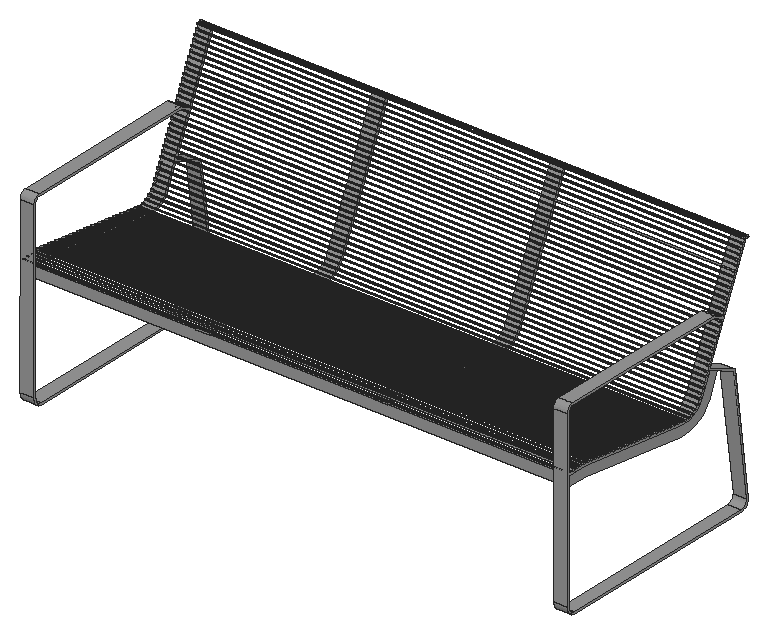
Revit family "Скамейка стальная «Глория» Арт 16675", category Антураж, Revit 2018
Family settings
  На основе рабочей плоскости = Нет
  Всегда вертикально = Да
  При загрузке вырезать с полостями = Нет
  Источник визуального образа = Геометрия семейства
  Общий = Нет
  Точка расчета площади = Нет
Parameters (values of type "Скамейка стальная «Глория»")
  Ширина = 744 mm  # constant formula
  Цвет опор = Сталь
  Цвет лавки = Сталь
  Описание = "Скамейка стальная «Глория»"  # constant formula
  Материал изделия = "Сталь"  # constant formula
  Изображение типоразмера = Скамейка стальная «Глория» Арт 16675.jpg
  Изготовитель = "ООО «Хоббика»"  # constant formula
  Длина = 1800 mm  # constant formula
  Группа модели = "Скамейки"  # constant formula
  Высота = 831 mm  # constant formula
  Артикул товара = "Арт. 16675"  # constant formula
  URL = "https://hobbyka.ru/product/divan_stalnoy_gloriya/"
Reference planes
  plane 1 "По центру (Вперед/Назад)": y = 0
  plane 2: z = 0
  plane 3 "По центру (Влево/Вправо)": x = 0
  plane 4: x = 1800
  plane 5: y = 744
  plane 6: z = 831
Forms (mm)
  Extrusion 1, solid, material "Сталь" <- "Цвет опор"
    sketch origin (0, 0, 0) x (0, 1, 0) y (0, 0, 1)
      loop
        line (639.85, 623.361) -> (607.767, 641.885) -> (22.767, 641.885)
        arc (22.767, 641.885) -> (6.668, 635.216) -> (0, 619.117) r 22.767
        line (0, 619.117) -> (0, 49.117)
        arc (0, 49.117) -> (9.32, 26.617) -> (31.82, 17.298) r 31.82
        line (31.82, 17.298) -> (716.82, 17.298)
        arc (716.82, 17.298) -> (736.039, 25.259) -> (744, 44.478) r 27.18
        line (744, 44.478) -> (686.939, 450.488) -> (586.578, 497.287) -> (734.943, 815.456) -> (741.5, 811.67) -> (744, 816) -> (732.717, 822.514) -> (639.85, 623.361)
      loop
        line (547.612, 425.555) -> (637.729, 618.812) -> (606.427, 636.885) -> (22.767, 636.885)
        arc (22.767, 636.885) -> (10.204, 631.681) -> (5, 619.117) r 17.767
        line (5, 619.117) -> (5, 441.037) -> (78.953, 441.037) -> (470.109, 386.063)
        arc (470.109, 386.063) -> (515.659, 392.467) -> (547.612, 425.555) r 70.646
      loop
        arc (5, 49.117) -> (12.855, 30.153) -> (31.82, 22.298) r 26.82
        line (31.82, 22.298) -> (716.82, 22.298)
        arc (716.82, 22.298) -> (732.386, 28.677) -> (738.998, 44.146) r 22.18
        line (738.998, 44.146) -> (682.366, 447.104) -> (584.465, 492.755) -> (552.144, 423.442)
        arc (552.144, 423.442) -> (517.989, 388.042) -> (469.286, 381.13) r 75.646
        line (469.286, 381.13) -> (78.603, 436.037) -> (5, 436.037) -> (5, 49.117)
    from 0 to 45
  Extrusion 2, solid, material "Сталь" <- "Цвет опор"
    sketch origin (0, 0, 0) x (0, 1, 0) y (0, 0, 1)
      loop
        line (469.286, 381.13) -> (78.603, 436.037) -> (5, 436.037) -> (5, 401.037) -> (76.156, 401.037) -> (463.621, 346.582)
        arc (463.621, 346.582) -> (534.337, 357.092) -> (583.864, 408.651) r 110.646
        line (583.864, 408.651) -> (616.186, 477.964) -> (584.465, 492.755) -> (552.144, 423.442)
        arc (552.144, 423.442) -> (517.989, 388.042) -> (469.286, 381.13) r 75.646
    from 0 to 5
  Extrusion 3, solid, material "Сталь" <- "Цвет опор"
    sketch origin (1800, 0, 0) x (0, 1, 0) y (0, 0, -1)
      loop
        line (639.85, -623.361) -> (732.717, -822.514) -> (744, -816) -> (741.5, -811.67) -> (734.943, -815.456) -> (586.578, -497.287) -> (686.939, -450.488) -> (744, -44.478)
        arc (744, -44.478) -> (736.039, -25.259) -> (716.82, -17.298) r 27.18
        line (716.82, -17.298) -> (31.82, -17.298)
        arc (31.82, -17.298) -> (9.32, -26.617) -> (0, -49.117) r 31.82
        line (0, -49.117) -> (0, -619.117)
        arc (0, -619.117) -> (6.668, -635.216) -> (22.767, -641.885) r 22.767
        line (22.767, -641.885) -> (607.767, -641.885) -> (639.85, -623.361)
      loop
        arc (547.612, -425.555) -> (515.659, -392.467) -> (470.109, -386.063) r 70.646
        line (470.109, -386.063) -> (78.953, -441.037) -> (5, -441.037) -> (5, -619.117)
        arc (5, -619.117) -> (10.204, -631.681) -> (22.767, -636.885) r 17.767
        line (22.767, -636.885) -> (606.427, -636.885) -> (637.729, -618.812) -> (547.612, -425.555)
      loop
        line (5, -49.117) -> (5, -436.037) -> (78.603, -436.037) -> (469.286, -381.13)
        arc (469.286, -381.13) -> (517.989, -388.042) -> (552.144, -423.442) r 75.646
        line (552.144, -423.442) -> (584.465, -492.755) -> (682.366, -447.104) -> (738.998, -44.146)
        arc (738.998, -44.146) -> (732.386, -28.677) -> (716.82, -22.298) r 22.18
        line (716.82, -22.298) -> (31.82, -22.298)
        arc (31.82, -22.298) -> (12.855, -30.153) -> (5, -49.117) r 26.82
    from 0 to 45
  Extrusion 4, solid, material "Сталь" <- "Цвет опор"
    sketch origin (1800, 0, 0) x (0, 1, 0) y (0, 0, -1)
      loop
        arc (469.286, -381.13) -> (517.989, -388.042) -> (552.144, -423.442) r 75.646
        line (552.144, -423.442) -> (584.465, -492.755) -> (616.186, -477.964) -> (583.864, -408.651)
        arc (583.864, -408.651) -> (534.337, -357.092) -> (463.621, -346.582) r 110.646
        line (463.621, -346.582) -> (76.156, -401.037) -> (5, -401.037) -> (5, -436.037) -> (78.603, -436.037) -> (469.286, -381.13)
    from 0 to 5
  Extrusion 5, solid, material "Сталь" <- "Цвет опор"
    sketch origin (0, 0, 0) x (0, 1, 0) y (0, 0, 1)
      loop
        line (744, 816) -> (732.717, 822.514) -> (640.29, 624.303) -> (547.612, 425.555)
        arc (547.612, 425.555) -> (515.659, 392.467) -> (470.109, 386.063) r 70.646
        line (470.109, 386.063) -> (78.953, 441.037) -> (5, 441.037) -> (5, 436.037) -> (78.603, 436.037) -> (469.286, 381.13)
        arc (469.286, 381.13) -> (517.989, 388.042) -> (552.144, 423.442) r 75.646
        line (552.144, 423.442) -> (580.331, 483.89) -> (734.943, 815.456) -> (741.5, 811.67) -> (744, 816)
    from 575 to 620
  Extrusion 6, solid, material "Сталь" <- "Цвет опор"
    sketch origin (0, 0, 0) x (0, 1, 0) y (0, 0, 1)
      loop
        line (640.29, 624.303) -> (547.612, 425.555)
        arc (547.612, 425.555) -> (515.659, 392.467) -> (470.109, 386.063) r 70.646
        line (470.109, 386.063) -> (78.953, 441.037) -> (5, 441.037) -> (5, 436.037) -> (78.603, 436.037) -> (469.286, 381.13)
        arc (469.286, 381.13) -> (517.989, 388.042) -> (552.144, 423.442) r 75.646
        line (552.144, 423.442) -> (580.331, 483.89) -> (734.943, 815.456) -> (741.5, 811.67) -> (744, 816) -> (732.717, 822.514) -> (640.29, 624.303)
    from 1160 to 1205
  Extrusion 7, solid, material "Сталь" <- "Цвет опор"
    sketch origin (0, 0, 0) x (0, 1, 0) y (0, 0, 1)
      loop
        line (5, 436.037) -> (5, 401.037) -> (10, 401.037) -> (10, 436.037) -> (5, 436.037)
    from 0 to 1795
  Extrusion 8, solid, material "Сталь" <- "Цвет лавки"
    sketch origin (0, 0, 0) x (0, 1, 0) y (0, 0, 1)
      loop
        circle (728.791, 818.828) r 2
      loop
        circle (722.452, 805.233) r 2
      loop
        circle (716.113, 791.639) r 2
      loop
        circle (709.773, 778.044) r 2
      loop
        circle (703.434, 764.449) r 2
      loop
        circle (697.095, 750.855) r 2
      loop
        circle (690.756, 737.26) r 2
      loop
        circle (684.416, 723.666) r 2
      loop
        circle (678.077, 710.071) r 2
      loop
        circle (671.738, 696.476) r 2
      loop
        circle (665.399, 682.882) r 2
      loop
        circle (659.059, 669.287) r 2
      loop
        circle (652.72, 655.693) r 2
      loop
        circle (646.381, 642.098) r 2
      loop
        circle (640.041, 628.503) r 2
      loop
        circle (633.702, 614.909) r 2
      loop
        circle (627.363, 601.314) r 2
      loop
        circle (621.024, 587.719) r 2
      loop
        circle (614.684, 574.125) r 2
      loop
        circle (608.345, 560.53) r 2
      loop
        circle (602.006, 546.936) r 2
      loop
        circle (595.667, 533.341) r 2
      loop
        circle (589.327, 519.746) r 2
      loop
        circle (582.988, 506.152) r 2
      loop
        circle (576.649, 492.557) r 2
      loop
        circle (570.309, 478.963) r 2
      loop
        circle (563.97, 465.368) r 2
      loop
        circle (557.631, 451.773) r 2
      loop
        circle (551.292, 438.179) r 2
      loop
        circle (544.952, 424.584) r 2
      loop
        circle (537.233, 412.585) r 2.012
      loop
        circle (526.673, 401.973) r 2
      loop
        circle (514.064, 393.903) r 2
      loop
        circle (500.006, 388.759) r 2
      loop
        circle (485.167, 386.784) r 2.001
      loop
        circle (470.249, 388.063) r 2
      loop
        circle (455.395, 390.151) r 2
      loop
        circle (440.541, 392.238) r 2
      loop
        circle (425.687, 394.326) r 2
      loop
        circle (410.833, 396.414) r 2
      loop
        circle (395.979, 398.501) r 2
      loop
        circle (381.124, 400.589) r 2
      loop
        circle (366.27, 402.676) r 2
      loop
        circle (351.416, 404.764) r 2
      loop
        circle (336.562, 406.852) r 2
      loop
        circle (321.708, 408.939) r 2
      loop
        circle (306.854, 411.027) r 2
      loop
        circle (292, 413.114) r 2
      loop
        circle (277.146, 415.202) r 2
      loop
        circle (262.292, 417.29) r 2
      loop
        circle (247.438, 419.377) r 2
      loop
        circle (232.584, 421.465) r 2
      loop
        circle (217.73, 423.552) r 2
      loop
        circle (202.876, 425.64) r 2
      loop
        circle (188.022, 427.728) r 2
      loop
        circle (173.168, 429.815) r 2
      loop
        circle (158.314, 431.903) r 2
      loop
        circle (143.46, 433.99) r 2
      loop
        circle (128.606, 436.078) r 2
      loop
        circle (113.752, 438.166) r 2
      loop
        circle (98.898, 440.253) r 2
      loop
        circle (84.044, 442.341) r 2
      loop
        circle (70, 443.037) r 2
      loop
        circle (55, 443.037) r 2
      loop
        circle (40, 443.037) r 2
      loop
        circle (25, 443.037) r 2
      loop
        circle (10, 443.037) r 2
      loop
        circle (739.359, 820.989) r 2
    from 0 to 1800
Dimensions and locks
  "Ширина": plane 5 to plane 1 "По центру (Вперед/Назад)"
  "Длина": plane 3 "По центру (Влево/Вправо)" to plane 4
  "Высота": plane 6 to plane 2
  aligned and locked: level to plane 2
Automatic sketch dimensions
  Extrusion 1 sketch curve to Extrusion 1 sketch curve = 0 mm  (x8)
  Extrusion 1 sketch curve to plane 1 "По центру (Вперед/Назад)" = 0 mm
  Extrusion 1 sketch curve to plane 5 = 0 mm  (x2)
  Extrusion 1 sketch curve to Extrusion 1 sketch curve = 5 mm  (x2)
  Extrusion 1 sketch curve to plane 1 "По центру (Вперед/Назад)" = 5 mm
  Extrusion 1 sketch curve to plane 1 "По центру (Вперед/Назад)" = 22.767 mm
  Extrusion 1 sketch curve to Extrusion 1 sketch curve = 26.82 mm
  Extrusion 1 sketch curve to Extrusion 1 sketch curve = 73.603 mm
  Extrusion 1 sketch curve to Extrusion 1 sketch curve = 0.35 mm
  Extrusion 1 sketch curve to plane 5 = 274.714 mm
  Extrusion 1 sketch curve to Extrusion 1 sketch curve = 0.823 mm
  Extrusion 1 sketch curve to Extrusion 1 sketch curve = 13.477 mm
  Extrusion 1 sketch curve to Extrusion 1 sketch curve = 64.027 mm
  Extrusion 1 sketch curve to Extrusion 1 sketch curve = 4.532 mm  (x2)
  Extrusion 1 sketch curve to Extrusion 1 sketch curve = 32.321 mm
  Extrusion 1 sketch curve to Extrusion 1 sketch curve = 2.113 mm
  Extrusion 1 sketch curve to plane 5 = 137.573 mm
  Extrusion 1 sketch curve to Extrusion 1 sketch curve = 1.34 mm
  Extrusion 1 sketch curve to Extrusion 1 sketch curve = 31.302 mm
  Extrusion 1 sketch curve to Extrusion 1 sketch curve = 2.121 mm
  Extrusion 1 sketch curve to plane 5 = 61.634 mm
  Extrusion 1 sketch curve to Extrusion 1 sketch curve = 4.574 mm
  Extrusion 1 sketch curve to Extrusion 1 sketch curve = 27.18 mm
  Extrusion 1 sketch curve to plane 5 = 11.283 mm
  Extrusion 1 sketch curve to Extrusion 1 sketch curve = 2.226 mm
  Extrusion 1 sketch curve to plane 5 = 5.002 mm
  Extrusion 1 sketch curve to plane 5 = 2.5 mm
  level to Extrusion 1 sketch curve = 17.298 mm
  level to Extrusion 1 sketch curve = 381.13 mm
  Extrusion 1 sketch curve to Extrusion 1 sketch curve = 4.933 mm
  Extrusion 1 sketch curve to Extrusion 1 sketch curve = 37.379 mm
  Extrusion 1 sketch curve to Extrusion 1 sketch curve = 386.919 mm
  Extrusion 1 sketch curve to Extrusion 1 sketch curve = 23.661 mm
  Extrusion 1 sketch curve to Extrusion 1 sketch curve = 3.384 mm
  Extrusion 1 sketch curve to Extrusion 1 sketch curve = 121.526 mm
  Extrusion 1 sketch curve to Extrusion 1 sketch curve = 178.081 mm
  Extrusion 1 sketch curve to Extrusion 1 sketch curve = 4.549 mm
  Extrusion 1 sketch curve to Extrusion 1 sketch curve = 3.786 mm
  Extrusion 2 sketch curve to Extrusion 2 sketch curve = 0 mm  (x2)
  Extrusion 2 sketch curve to plane 1 "По центру (Вперед/Назад)" = 5 mm
  Extrusion 2 sketch curve to Extrusion 2 sketch curve = 71.156 mm
  Extrusion 2 sketch curve to Extrusion 2 sketch curve = 2.447 mm
  Extrusion 2 sketch curve to plane 5 = 280.379 mm
  Extrusion 2 sketch curve to Extrusion 2 sketch curve = 5.664 mm
  Extrusion 2 sketch curve to Extrusion 2 sketch curve = 14.3 mm
  Extrusion 2 sketch curve to Extrusion 2 sketch curve = 68.558 mm
  Extrusion 2 sketch curve to Extrusion 2 sketch curve = 31.721 mm  (x2)
  Extrusion 2 sketch curve to Extrusion 2 sketch curve = 32.321 mm
  level to Extrusion 2 sketch curve = 346.582 mm
  Extrusion 2 sketch curve to Extrusion 2 sketch curve = 34.548 mm
  level to Extrusion 2 sketch curve = 401.037 mm
  Extrusion 2 sketch curve to Extrusion 2 sketch curve = 27.521 mm
  Extrusion 2 sketch curve to Extrusion 2 sketch curve = 35 mm
  Extrusion 3 sketch curve to Extrusion 3 sketch curve = 0 mm  (x8)
  Extrusion 3 sketch curve to plane 1 "По центру (Вперед/Назад)" = 0 mm
  Extrusion 3 sketch curve to plane 5 = 0 mm  (x2)
  Extrusion 3 sketch curve to Extrusion 3 sketch curve = 5 mm  (x2)
  Extrusion 3 sketch curve to plane 1 "По центру (Вперед/Назад)" = 5 mm
  Extrusion 3 sketch curve to plane 1 "По центру (Вперед/Назад)" = 22.767 mm
  Extrusion 3 sketch curve to Extrusion 3 sketch curve = 26.82 mm
  Extrusion 3 sketch curve to Extrusion 3 sketch curve = 73.603 mm
  Extrusion 3 sketch curve to Extrusion 3 sketch curve = 0.35 mm
  Extrusion 3 sketch curve to plane 5 = 274.714 mm
  Extrusion 3 sketch curve to Extrusion 3 sketch curve = 0.823 mm
  Extrusion 3 sketch curve to Extrusion 3 sketch curve = 13.477 mm
  Extrusion 3 sketch curve to Extrusion 3 sketch curve = 64.027 mm
  Extrusion 3 sketch curve to Extrusion 3 sketch curve = 4.532 mm  (x2)
  Extrusion 3 sketch curve to Extrusion 3 sketch curve = 32.321 mm
  Extrusion 3 sketch curve to Extrusion 3 sketch curve = 2.113 mm  (x2)
  Extrusion 3 sketch curve to plane 5 = 137.573 mm
  Extrusion 3 sketch curve to Extrusion 3 sketch curve = 1.34 mm
  Extrusion 3 sketch curve to Extrusion 3 sketch curve = 31.302 mm
  Extrusion 3 sketch curve to Extrusion 3 sketch curve = 2.121 mm
  Extrusion 3 sketch curve to plane 5 = 61.634 mm
  Extrusion 3 sketch curve to Extrusion 3 sketch curve = 4.574 mm
  Extrusion 3 sketch curve to plane 5 = 27.18 mm
  Extrusion 3 sketch curve to plane 5 = 11.283 mm
  Extrusion 3 sketch curve to Extrusion 3 sketch curve = 2.226 mm
  Extrusion 3 sketch curve to plane 5 = 5.002 mm
  Extrusion 3 sketch curve to plane 5 = 2.5 mm
  Extrusion 3 sketch curve to plane 6 = 8.486 mm
  Extrusion 3 sketch curve to Extrusion 3 sketch curve = 6.514 mm
  Extrusion 3 sketch curve to plane 6 = 189.115 mm
  Extrusion 3 sketch curve to Extrusion 3 sketch curve = 13.523 mm
  Extrusion 3 sketch curve to Extrusion 3 sketch curve = 4.549 mm
  Extrusion 3 sketch curve to Extrusion 3 sketch curve = 121.526 mm
  Extrusion 3 sketch curve to Extrusion 3 sketch curve = 37.344 mm
  Extrusion 3 sketch curve to Extrusion 3 sketch curve = 3.384 mm
  Extrusion 3 sketch curve to Extrusion 3 sketch curve = 178.081 mm
  level to Extrusion 3 sketch curve = 49.117 mm
  Extrusion 4 sketch curve to Extrusion 4 sketch curve = 0 mm  (x2)
  Extrusion 4 sketch curve to plane 1 "По центру (Вперед/Назад)" = 5 mm
  Extrusion 4 sketch curve to Extrusion 4 sketch curve = 71.156 mm
  Extrusion 4 sketch curve to Extrusion 4 sketch curve = 2.447 mm
  Extrusion 4 sketch curve to plane 5 = 280.379 mm
  Extrusion 4 sketch curve to Extrusion 4 sketch curve = 5.664 mm
  Extrusion 4 sketch curve to Extrusion 4 sketch curve = 14.3 mm
  Extrusion 4 sketch curve to Extrusion 4 sketch curve = 68.558 mm
  Extrusion 4 sketch curve to Extrusion 4 sketch curve = 31.721 mm  (x2)
  Extrusion 4 sketch curve to Extrusion 4 sketch curve = 32.321 mm
  Extrusion 4 sketch curve to plane 6 = 338.245 mm
  Extrusion 4 sketch curve to Extrusion 4 sketch curve = 14.792 mm
  Extrusion 4 sketch curve to Extrusion 4 sketch curve = 31.969 mm
  Extrusion 4 sketch curve to Extrusion 4 sketch curve = 54.907 mm
  Extrusion 4 sketch curve to Extrusion 4 sketch curve = 35 mm
  Extrusion 5 sketch curve to Extrusion 5 sketch curve = 0 mm  (x2)
  Extrusion 5 sketch curve to plane 5 = 0 mm
  Extrusion 5 sketch curve to plane 5 = 2.5 mm
  Extrusion 5 sketch curve to Extrusion 5 sketch curve = 6.557 mm
  Extrusion 5 sketch curve to Extrusion 5 sketch curve = 2.226 mm
  Extrusion 5 sketch curve to plane 5 = 191.856 mm
  Extrusion 5 sketch curve to Extrusion 5 sketch curve = 4.532 mm
  Extrusion 5 sketch curve to Extrusion 5 sketch curve = 64.027 mm
  Extrusion 5 sketch curve to Extrusion 5 sketch curve = 13.477 mm
  Extrusion 5 sketch curve to Extrusion 5 sketch curve = 0.823 mm
  Extrusion 5 sketch curve to plane 1 "По центру (Вперед/Назад)" = 78.953 mm
  Extrusion 5 sketch curve to Extrusion 5 sketch curve = 0.35 mm
  level to Extrusion 5 sketch curve = 436.037 mm
  level to Extrusion 5 sketch curve = 381.13 mm
  Extrusion 5 sketch curve to Extrusion 5 sketch curve = 4.933 mm
  Extrusion 5 sketch curve to Extrusion 5 sketch curve = 37.379 mm
  Extrusion 5 sketch curve to Extrusion 5 sketch curve = 5 mm
  Extrusion 5 sketch curve to plane 6 = 19.33 mm
  Extrusion 5 sketch curve to Extrusion 5 sketch curve = 3.786 mm
  Extrusion 5 sketch curve to plane 5 = 103.71 mm
  Extrusion 5 sketch curve to Extrusion 5 sketch curve = 28.187 mm
  Extrusion 5 sketch curve to Extrusion 5 sketch curve = 60.447 mm
  Extrusion 5 sketch curve to Extrusion 5 sketch curve = 140.414 mm
  Extrusion 5 sketch curve to plane 1 "По центру (Вперед/Назад)" = 5 mm
  Extrusion 6 sketch curve to Extrusion 6 sketch curve = 0 mm  (x2)
  Extrusion 6 sketch curve to plane 5 = 0 mm
  Extrusion 6 sketch curve to plane 5 = 2.5 mm
  Extrusion 6 sketch curve to Extrusion 6 sketch curve = 6.557 mm
  Extrusion 6 sketch curve to Extrusion 6 sketch curve = 2.226 mm
  Extrusion 6 sketch curve to plane 5 = 103.71 mm
  Extrusion 6 sketch curve to Extrusion 6 sketch curve = 59.959 mm
  Extrusion 6 sketch curve to Extrusion 6 sketch curve = 28.187 mm
  Extrusion 6 sketch curve to Extrusion 6 sketch curve = 4.532 mm
  Extrusion 6 sketch curve to Extrusion 6 sketch curve = 64.027 mm
  Extrusion 6 sketch curve to Extrusion 6 sketch curve = 13.477 mm
  Extrusion 6 sketch curve to Extrusion 6 sketch curve = 0.823 mm
  Extrusion 6 sketch curve to plane 1 "По центру (Вперед/Назад)" = 78.953 mm
  Extrusion 6 sketch curve to Extrusion 6 sketch curve = 0.35 mm
  Extrusion 6 sketch curve to plane 1 "По центру (Вперед/Назад)" = 5 mm
  level to Extrusion 6 sketch curve = 381.13 mm
  Extrusion 6 sketch curve to Extrusion 6 sketch curve = 4.933 mm
  Extrusion 6 sketch curve to Extrusion 6 sketch curve = 37.379 mm
  Extrusion 6 sketch curve to plane 6 = 394.963 mm
  Extrusion 6 sketch curve to Extrusion 6 sketch curve = 5 mm
  Extrusion 6 sketch curve to Extrusion 6 sketch curve = 60.447 mm
  Extrusion 6 sketch curve to Extrusion 6 sketch curve = 140.414 mm
  Extrusion 6 sketch curve to plane 6 = 19.33 mm
  Extrusion 6 sketch curve to Extrusion 6 sketch curve = 3.786 mm
  Extrusion 7 sketch curve to plane 1 "По центру (Вперед/Назад)" = 5 mm
  Extrusion 7 sketch curve to Extrusion 7 sketch curve = 5 mm
  level to Extrusion 7 sketch curve = 401.037 mm
  Extrusion 7 sketch curve to Extrusion 7 sketch curve = 35 mm
  Extrusion 8 sketch curve to plane 5 = 4.641 mm
  Extrusion 8 sketch curve to plane 6 = 10.011 mm
  Extrusion 8 sketch curve to Extrusion 8 sketch curve = 10.567 mm
  Extrusion 8 sketch curve to Extrusion 8 sketch curve = 2.161 mm
  Extrusion 8 sketch curve to Extrusion 8 sketch curve = 6.339 mm  (x29)
  Extrusion 8 sketch curve to Extrusion 8 sketch curve = 13.595 mm  (x28)
  Extrusion 8 sketch curve to Extrusion 8 sketch curve = 7.719 mm
  Extrusion 8 sketch curve to Extrusion 8 sketch curve = 12 mm
  Extrusion 8 sketch curve to Extrusion 8 sketch curve = 10.56 mm
  Extrusion 8 sketch curve to Extrusion 8 sketch curve = 10.611 mm
  Extrusion 8 sketch curve to Extrusion 8 sketch curve = 12.609 mm
  Extrusion 8 sketch curve to Extrusion 8 sketch curve = 8.07 mm
  Extrusion 8 sketch curve to Extrusion 8 sketch curve = 14.058 mm
  Extrusion 8 sketch curve to Extrusion 8 sketch curve = 5.145 mm
  Extrusion 8 sketch curve to Extrusion 8 sketch curve = 14.839 mm
  Extrusion 8 sketch curve to Extrusion 8 sketch curve = 1.975 mm
  Extrusion 8 sketch curve to Extrusion 8 sketch curve = 14.918 mm
  Extrusion 8 sketch curve to Extrusion 8 sketch curve = 14.854 mm  (x26)
  Extrusion 8 sketch curve to Extrusion 8 sketch curve = 1.279 mm
  Extrusion 8 sketch curve to Extrusion 8 sketch curve = 1.392 mm
  Extrusion 8 sketch curve to Extrusion 8 sketch curve = 2.088 mm  (x21)
  Extrusion 8 sketch curve to Extrusion 8 sketch curve = 0.423 mm
  Extrusion 8 sketch curve to Extrusion 8 sketch curve = 0.703 mm
  Extrusion 8 sketch curve to Extrusion 8 sketch curve = 0.53 mm
  Extrusion 8 sketch curve to Extrusion 8 sketch curve = 1.056 mm
  Extrusion 8 sketch curve to plane 6 = 392.821 mm
  Extrusion 8 sketch curve to Extrusion 8 sketch curve = 14.044 mm
  Extrusion 8 sketch curve to Extrusion 8 sketch curve = 15 mm  (x3)
  Extrusion 8 sketch curve to Extrusion 8 sketch curve = 0.696 mm
  Extrusion 8 sketch curve to Extrusion 8 sketch curve = 0 mm  (x4)
  Extrusion 8 sketch curve to plane 1 "По центру (Вперед/Назад)" = 10 mm
  radius of Extrusion 8 sketch curve = 2 mm  (x66)
  radius of Extrusion 8 sketch curve = 2.012 mm
  radius of Extrusion 8 sketch curve = 2.001 mm
